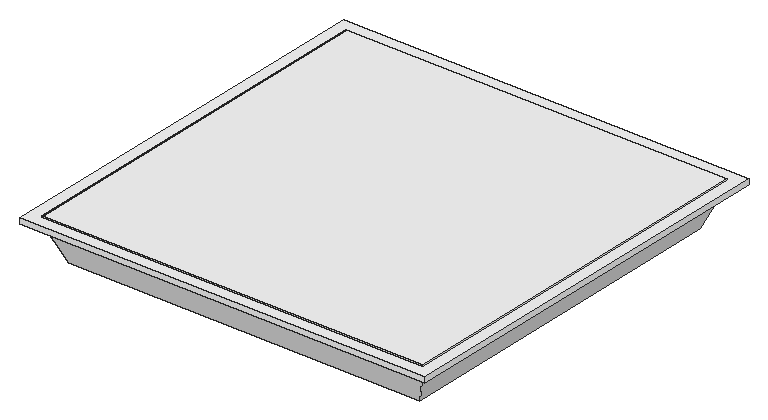
Revit family "0047778 Feilo Sylvania Lighting Fixtures START PANEL 600 3000K G4", category Lighting Fixtures, host Face, Revit 2017
Family settings
  Host = Face
  Round Connector Dimension = Use Diameter
  Part Type = Normal
  OmniClass Number = 23.80.70.00
  OmniClass Title = Lighting
  Cut with Voids When Loaded = Yes
  Light Source = Yes
  Shared = No
  Room Calculation Point = No
Parameters (values of type "0047778 START PANEL 600 3000K G4")
  Weight = "2.6 kg"
  Wattage Comments = "n/a"
  Wattage = 30 W
  WarrantyStartDate [instance] = "n/a"
  WarrantyGuarantorParts = "n/a"
  WarrantyDurationUnit = "n/a"
  WarrantyDurationParts = "n/a"
  WarrantyDescription = "n/a"
  built-in parameter 1150110 = 1 (stored number, unit not read)
  Voltage = 230 V
  URL = "http://www.sylvania-lighting.com"
  TypeName = "START PANEL 600 3000K G4"
  Type Image = <None>
  Type Comments = "n/a"
  built-in parameter 1114217 = 1 (stored number, unit not read)
  Tilt Angle = -90.00°
  built-in parameter 1150109 = 1 (stored number, unit not read)
  built-in parameter 1150134 = (empty or 0)
  built-in parameter 1150113 = 1 (stored number, unit not read)
  SerialNumber [instance] = "n/a"
  PowerFactor = 0.95
  PowerConsumption = "30 W"
  Photometric Web File = "0047778.ies"
  NominalLength = 596 mm
  NominalHeight = 63 mm
  NominalDepth = 596 mm
  Name = "START PANEL 600 3000K G4"
  ModelReference = "START PANEL 600 3000K G4"
  ModelNumber = "0047778"
  Model = "START PANEL 600 3000K G4"
  Material = "steel housing, pc diffuser"
  ManufacturerName = "Feilo Sylvania"
  Manufacturer = "Feilo Sylvania"
  LuminousEfficacy = "130 lm/W"
  built-in parameter 1150105 = 310.35 (stored number, unit not read)
  Lumens = 3900 lm
  LuminaireType = ""
  built-in parameter 1150115 = 1 (stored number, unit not read)
  LightOutputRatio = "n/a"
  built-in parameter 1150137 = (empty or 0)
  built-in parameter 1150139 = (empty or 0)
  LampsType = Lamp  # "LED"
  LampNominalLuminous = "3900 lm"
  LampMacAdamStep = "6"
  LampColourTemperature = "3000 K"
  LampColourRenderingIndex = "80"
  built-in parameter 1150112 = 1 (stored number, unit not read)
  built-in parameter 1150114 = 1 (stored number, unit not read)
  Lamp = "LED"
  Keynote = "16500"
  InstallationDate [instance] = "n/a"
  InputVoltage = "220-240V~"
  InputNominalFrequency = "50/60 Hz"
  built-in parameter 1150132 = (empty or 0)
  built-in parameter 1150102 = (empty or 0)
  built-in parameter 1150107 = 3000 (stored number, unit not read)
  built-in parameter 1150138 = (empty or 0)
  IngressProtection = "IP44"
  ImpactProtectionIndex = "IK03"
  built-in parameter 1150106 = 3.1035 (stored number, unit not read)
  IfcExportType = "IfcLightFixtureType"
  IfcExportAs = "IfcLightFixtureType"
  ExpectedLife = 50000
  Emit from Rectangle Width = NominalLength - 40 mm  # 556 mm
  Emit from Rectangle Length = NominalLength - 40 mm  # 556 mm
  Emit Shape Visible in Rendering = no
  ElectricShockClassification = "Class II"
  built-in parameter 1150104 = 12.077 (stored number, unit not read)
  DurationUnit = "hours"
  DocumentationLiterature = "http://www.sylvania-lighting.com/product/en-int/products/0047778"
  DimmingControlOptions = "n/a"
  Dimming Lamp Color Temperature Shift = <None>
  Description = "LED back-lit recessed IP44 panel, 3000K Warm White, 3900lm delivered from 30W, 130lm/W total system effciency, energy efficient external driver included as standard, even distribution of light throughout fixture, long lifetime of 50,000 hours (L70), size (HxWxD) 596x596x65mm."
  Default Elevation = 1219.2 mm
  CreatedOn = "17/11/2017"
  CreatedBy = ""
  Cost = 0
  Color Filter = 16777215
  built-in parameter 1114216 [instance] = (empty or 0)
  BarCode [instance] = "n/a"
  built-in parameter 1114218 = 1 (stored number, unit not read)
  built-in parameter 1150133 = 10 (stored number, unit not read)
  AssetType = "Fixed"
  AssetIdentifier [instance] = "n/a"
  Assembly Code = "D5020200"
  Apparent Load = 30 VA
Reference planes
  plane 1 "Center (Front/Back)": y = 0
  plane 2: z = 0
  plane 3 "Center (Left/Right)": x = 0
  plane 4: x = -298
  plane 5: x = 298
  plane 6: y = 298
  plane 7: y = -298
  plane 8: x = -280
  plane 9: y = 280
  plane 10: y = -280
  plane 11: x = 280
  plane 12: z = 8
  plane 13: z = -55
  plane 14: x = -258
  plane 15: y = 258
  plane 16: x = 258
  plane 17: y = -258
Forms (mm)
  Extrusion 1, solid, material "Body-Sylvania_White"
    sketch origin (0, 0, 0) x (1, 0, 0) y (0, 1, 0)
      loop
        line (-298, 298) -> (-298, -298) -> (298, -298) -> (298, 298) -> (-298, 298)
      loop
        line (-280, 280) -> (-280, -280) -> (280, -280) -> (280, 280) -> (-280, 280)
    from 0 to 8
  Extrusion 2, solid, material "Diffuser-Sylvania-Glow"
    sketch origin (0, 0, 0) x (1, 0, 0) y (0, 1, 0)
      loop
        line (-280, 280) -> (-280, -280) -> (280, -280) -> (280, 280) -> (-280, 280)
    from 0 to 9
  Blend 3, solid, material "Body-Sylvania_White"
    base sketch origin (0, 0, 0) x (1, 0, 0) y (0, 1, 0)
      loop
        line (-280, 280) -> (-280, -280) -> (280, -280) -> (280, 280) -> (-280, 280)
    top sketch origin (0, 0, 0) x (1, 0, 0) y (0, 1, 0)
      loop
        line (-258, -258) -> (258, -258) -> (258, 258) -> (-258, 258) -> (-258, -258)
    from 0 to -55
Cuts and joins
  joined: Extrusion 1, Blend 3
Dimensions and locks
  equal spacing: plane 4, plane 3 "Center (Left/Right)", plane 5
  equal spacing: plane 7, plane 1 "Center (Front/Back)", plane 6
  plane 7 to plane 6 = 596 mm
  "NominalLength": plane 4 to plane 5
  locked: plane 4 to plane 8 at 18
  locked: plane 11 to plane 5 at 18
  locked: plane 9 to plane 6 at 18
  locked: plane 7 to plane 10 at 18
  "NominalHeight": plane 12 to plane 13
  locked: plane 2 to plane 13 at 55
  locked: plane 15 to plane 9 at 22
  locked: plane 8 to plane 14 at 22
  locked: plane 16 to plane 11 at 22
  locked: plane 10 to plane 17 at 22
  aligned and locked: plane 2 to host face
  aligned and locked: level to host face
  aligned and locked: plane 6 to Extrusion 1 sketch curve
  aligned and locked: plane 4 to Extrusion 1 sketch curve
  aligned and locked: Extrusion 1 sketch curve to plane 7
  aligned and locked: Extrusion 1 sketch curve to plane 5
  aligned and locked: plane 9 to Extrusion 1 sketch curve
  aligned and locked: plane 8 to Extrusion 1 sketch curve
  aligned and locked: Extrusion 1 sketch curve to plane 10
  aligned and locked: Extrusion 1 sketch curve to plane 11
  aligned and locked: Extrusion 1 to plane 12
  aligned and locked: Extrusion 1 to level
  aligned and locked: Extrusion 2 sketch curve to Extrusion 1  (x4)
  aligned and locked: Blend 3 sketch curve to Extrusion 1  (x4)
  aligned and locked: plane 17 to Blend 3 sketch curve
  aligned and locked: Blend 3 sketch curve to plane 14
  aligned and locked: Blend 3 sketch curve to plane 15
  aligned and locked: plane 16 to Blend 3 sketch curve
  aligned and locked: plane 13 to Blend 3
Automatic sketch dimensions
  host sketch curve to host sketch curve = 2438.4 mm  (x2)
Connectors
  electrical at (0, 0, 0), driven by "Apparent Load"
    settings: index 1, voltage 230 V, apparent load 30 VA, apparent load phase1 0 VA, apparent load phase2 0 VA, apparent load phase3 0 VA, power factor 0, load classification "Lighting", number of poles 1, system type 30, power factor state 1, is connector primary yes, connector utility no, sub classification motor no, connector description ""
